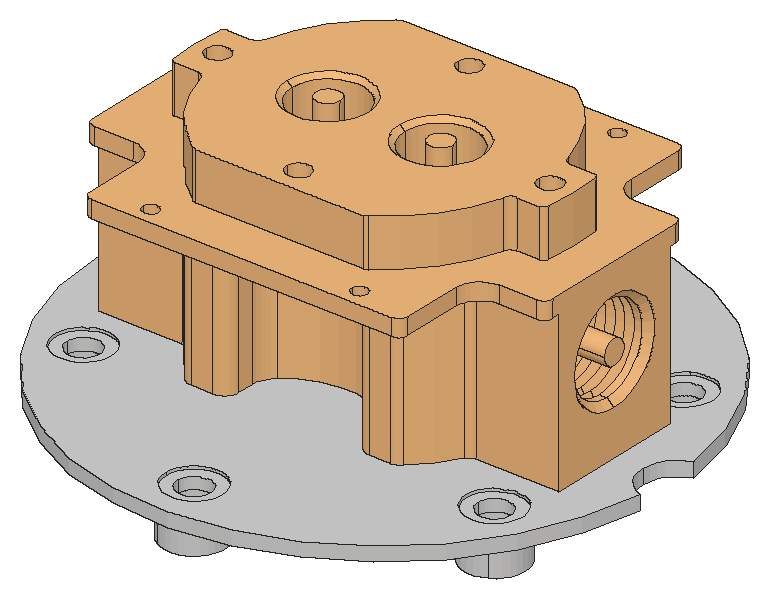
Revit family "Faucet-Mounting_Block-KALLISTA-Script-P20512", category Plumbing Fixtures, host Face, Revit 2022
Family settings
  Host = Face
  Round Connector Dimension = Use Diameter
  Part Type = Normal
  OmniClass Number = 23.27.31.00
  OmniClass Title = Valves
  Cut with Voids When Loaded = No
  Maintain Annotation Orientation = No
  Shared = No
  Room Calculation Point = No
Parameters (values of type "NA-Brass")
  Width = 4.72441"  # constant formula
  WaterSense Certified = 1 = 0  # no
  Waste Water Outlet = "Waste Water Outlet"  # constant formula
  Waste Connection = 1 = 0  # no
  Vent Connection = 1 = 0  # no
  URL = "https://www.kallista.com/"
  Type = 1
  Tempered Water Outlet = "Tempered Water Outlet"  # constant formula
  Product Page URL = "https://www.kallista.com/products/luxury-bathroom/faucets/diverters/script-mounting-block-p20512-00"
  Product Name = "Script"  # constant formula
  Product Documentation Link = "https://techcomm.kohler.com/techcomm/pdf/1333698-4.pdf"
  Pressure = 0.00 psi
  Model = "P20512-00-NA"  # constant formula
  Material = "Premium Metal Construction"  # constant formula
  Master Format 2014 Name = "Control Valves"  # constant formula
  Master Format 2014 = "23 09 13.33"  # constant formula
  Manufacturer Address = "444 Highland Dr, Kohler, WI 53044"  # constant formula
  Manufacturer = "Kallista Co."  # constant formula
  Length = 4.72441"  # constant formula
  Hot Water Outlet = "Hot Water Outlet"  # constant formula
  Hot Water Inlet = "Hot Water Inlet"  # constant formula
  Height = 2.24409"  # constant formula
  HW Connection = 1 = 1  # yes
  Flow Rate = 0 GPM
  Finish = Kallista-Metal-Brass
  Environmental Product Declaration = ""
  Description = "Mounting Block"  # constant formula
  Default Elevation = 36"
  Declare Label = ""
  Date Modified = "04/28/2025"  # constant formula
  Date Created = "04/28/2025"  # constant formula
  Copyright = "Copyright Kallista Co."  # constant formula
  Contact Us = "https://www.kallista.com/corporate/contact-us/"
  Cold Water Outlet = "Cold Water Outlet"  # constant formula
  Cold Water Inlet = "Cold Water Inlet"  # constant formula
  CW Connection = 1 = 1  # yes
  Assembly Code = "D2020"
  ADA Compliant = 1 = 0  # no
Reference planes (in)
  plane 1 "Center (Front/Back)": y = 0
  plane 2: z = 0
  plane 3 "Center (Left/Right)": x = 0
  plane 4: y = 2.3622
  plane 5: y = -2.3622
  plane 6: x = -2.3622
  plane 7: x = 2.3622
  plane 8: z = 2.24409
  plane 9: z = 0.3937
  plane 10: z = 0.27559
  plane 11: x = -1.90957
  plane 12: x = 1.90897
  plane 13: z = 1.17817
  plane 14: x = -0.46274
  plane 15: x = 0.4723
Dimensions and locks (in)
  "Width": plane 6 to plane 7
  "Length": plane 4 to plane 5
  plane 5 to plane 1 "Center (Front/Back)" = 2.3622"
  plane 1 "Center (Front/Back)" to plane 4 = 2.3622"
  plane 14 to plane 15 = 0.93504"
  plane 6 to plane 7 = 4.72441"
  "Height": plane 8 to level
  plane 8 to plane 10 = 1.9685"
  plane 10 to level = 0.27559"
  plane 8 to plane 9 = 1.85039"
  plane 13 to level = 1.17817"
  plane 8 to level = 2.24409"
  plane 4 to plane 5 = 4.72441"
  level to plane 13 = 1.17817"
  aligned and locked: plane 2 to host face
  aligned and locked: level to host face
  aligned and locked: level to nested 1
  aligned and locked: plane 3 "Center (Left/Right)" to nested 1
  aligned and locked: plane 1 "Center (Front/Back)" to nested 1
Automatic sketch dimensions
  host sketch curve to host sketch curve = 96"  (x2)
Nested families (in)
  nested 1: "P20512" at (0, 0, 0.27559), type "P20512"
Connectors (in)
  piping at (-1.90957, 0, 1.17817), diameter 0.5, driven by "HW Connection", driven by "Hot Water Inlet"
    settings: on nested 1, index 1, connector inside diameter 24", connector length 0", flow factor 0, pipe flow 0 GPM, pressure drop 0.00 psi, fitting loss kfactor 0, connector angle 0.00°, fixture units 0, engagement length 0", angle of deflection 0.00°, flow configuration 0, flow direction 1, fitting loss method 0, system type 19, joint type 0, gender type 0, connector reference index -1, connector utility 1, adjustable connector no, is connector primary yes, connector description "Hot Water Inlet"
  piping at (1.90897, 0, 1.17817), diameter 0.5, driven by "CW Connection", driven by "Cold Water Inlet"
    settings: on nested 1, index 2, connector inside diameter 24", connector length 0", flow factor 0, pipe flow 0 GPM, pressure drop 0.00 psi, fitting loss kfactor 0, connector angle 0.00°, fixture units 0, engagement length 0", angle of deflection 0.00°, flow configuration 0, flow direction 1, fitting loss method 0, system type 20, joint type 0, gender type 0, connector reference index -1, connector utility 1, adjustable connector no, is connector primary no, connector description "Cold Water Inlet"
  piping at (-0.46274, 0, 2.24409), diameter 0.5, driven by "HW Connection", driven by "Hot Water Outlet"
    settings: on nested 1, index 3, connector inside diameter 24", connector length 0", flow factor 0, pipe flow 0 GPM, pressure drop 0.00 psi, fitting loss kfactor 0, connector angle 0.00°, fixture units 0, engagement length 0", angle of deflection 0.00°, flow configuration 0, flow direction 2, fitting loss method 0, system type 19, joint type 0, gender type 0, connector reference index -1, connector utility 1, adjustable connector no, is connector primary no, connector description "Hot Water Outlet"
  piping at (0.4723, 0, 2.24409), diameter 0.5, driven by "CW Connection", driven by "Cold Water Outlet"
    settings: on nested 1, index 4, connector inside diameter 24", connector length 0", flow factor 0, pipe flow 0 GPM, pressure drop 0.00 psi, fitting loss kfactor 0, connector angle 0.00°, fixture units 0, engagement length 0", angle of deflection 0.00°, flow configuration 0, flow direction 2, fitting loss method 0, system type 20, joint type 0, gender type 0, connector reference index -1, connector utility 1, adjustable connector no, is connector primary no, connector description "Cold Water Outlet"
Definition of nested family "P20512"
  Parameters
    Material = none
    Default Elevation = 0"
  Reference planes (in)
    plane 1 "Center (Front/Back)": y = 0
    plane 2: z = 0
    plane 3 "Center (Left/Right)": x = 0
    plane 4: y = 2.3622
    plane 5: y = -2.3622
    plane 6: x = -2.3622
    plane 7: x = 2.3622
    plane 8: z = -0.27559
    plane 9: z = 1.9685
    plane 10: z = 0.90258
    plane 11: x = -1.90957
    plane 12: x = 1.90897
    plane 13: x = -0.46274
    plane 14: x = 0.4723
  Forms (in)
    Extrusion 1, solid
      sketch origin (0, 0, 0) x (1, 0, 0) y (0, 1, 0)
        loop
          arc (2.34562, -0.27946) -> (2.2008, -0.17181) -> (2.14567, 0) r 0.29528
          arc (2.14567, 0) -> (2.2008, 0.17181) -> (2.34562, 0.27946) r 0.29528
          arc (2.34562, 0.27946) -> (-0.13998, 2.35805) -> (-2.3622, 0) r 2.3622
          arc (-2.3622, 0) -> (-0.13998, -2.35805) -> (2.34562, -0.27946) r 2.3622
        loop
          circle (-0.74502, -0.74574) r 0.11715
        loop
          circle (0.74374, -0.74574) r 0.11715
        loop
          circle (-0.74564, 0.74363) r 0.11715
        loop
          circle (0.74565, 0.74363) r 0.11715
      from 0 to 0.11811
    Extrusion 2, solid
      sketch origin (0, 0, 0) x (1, 0, 0) y (0, 1, 0)
        loop
          circle (0, -1.9685) r 0.31496
        loop
          circle (1.70477, -0.98425) r 0.31496
        loop
          circle (-1.70477, -0.98425) r 0.31496
        loop
          circle (-1.70477, 0.98425) r 0.31496
        loop
          circle (0, 1.9685) r 0.31496
        loop
          circle (1.70477, 0.98425) r 0.31496
        loop
          circle (-1.70477, -0.98425) r 0.25591
        loop
          circle (-1.70477, 0.98425) r 0.25591
        loop
          circle (0, 1.9685) r 0.25591
        loop
          circle (1.70477, 0.98425) r 0.25591
        loop
          circle (1.70477, -0.98425) r 0.25591
        loop
          circle (0, -1.9685) r 0.25591
      from -0.03937 to 0
    Extrusion 3, solid
      sketch origin (0, 0, 0) x (1, 0, 0) y (0, 1, 0)
        loop
          circle (0, -1.9685) r 0.25591
        loop
          circle (1.70477, -0.98425) r 0.25591
        loop
          circle (-1.70477, -0.98425) r 0.25591
        loop
          circle (-1.70477, 0.98425) r 0.25591
        loop
          circle (0, 1.9685) r 0.25591
        loop
          circle (1.70477, 0.98425) r 0.25591
        loop
          circle (0, -1.9685) r 0.1378
        loop
          circle (1.70477, -0.98425) r 0.1378
        loop
          circle (1.70477, 0.98425) r 0.1378
        loop
          circle (0, 1.9685) r 0.1378
        loop
          circle (-1.70477, 0.98425) r 0.1378
        loop
          circle (-1.70477, -0.98425) r 0.1378
      from -0.27559 to 0
    Extrusion 4, solid, material <- "Material", detail levels medium+fine
      sketch origin (0, 0, 0) x (1, 0, 0) y (0, 1, 0)
        loop
          line (-1.90957, -0.57085) -> (-1.21712, -0.57085)
          arc (-1.21712, -0.57085) -> (-1.17943, -0.58096) -> (-1.15187, -0.6086) r 0.07526
          arc (-1.15187, -0.6086) -> (-1.03953, -0.7774) -> (-0.90611, -0.9301) r 1.55016
          arc (-0.90611, -0.9301) -> (-0.87084, -0.95373) -> (-0.82921, -0.96203) r 0.10856
          line (-0.82921, -0.96203) -> (-0.64998, -0.96203)
          arc (-0.64998, -0.96203) -> (-0.56448, -0.92662) -> (-0.52907, -0.84113) r 0.1209
          line (-0.52907, -0.84113) -> (-0.52907, -0.70977)
          arc (-0.52907, -0.70977) -> (-0.50901, -0.61874) -> (-0.45253, -0.54458) r 0.21654
          arc (-0.45253, -0.54458) -> (-0.0003, -0.37872) -> (0.45193, -0.54458) r 0.69947
          arc (0.45193, -0.54458) -> (0.5084, -0.61874) -> (0.52847, -0.70977) r 0.21654
          line (0.52847, -0.70977) -> (0.52847, -0.84113)
          arc (0.52847, -0.84113) -> (0.56388, -0.92662) -> (0.64937, -0.96203) r 0.1209
          line (0.64937, -0.96203) -> (0.8286, -0.96203)
          arc (0.8286, -0.96203) -> (0.87024, -0.95373) -> (0.90551, -0.9301) r 0.10856
          arc (0.90551, -0.9301) -> (1.03892, -0.7774) -> (1.15127, -0.6086) r 1.55016
          arc (1.15127, -0.6086) -> (1.17882, -0.58096) -> (1.21651, -0.57085) r 0.07526
          line (1.21651, -0.57085) -> (1.90897, -0.57085) -> (1.90897, 0.57197) -> (1.21651, 0.57197)
          arc (1.21651, 0.57197) -> (1.17882, 0.58208) -> (1.15127, 0.60972) r 0.07526
          arc (1.15127, 0.60972) -> (1.03892, 0.77852) -> (0.90551, 0.93122) r 1.55016
          arc (0.90551, 0.93122) -> (0.87024, 0.95485) -> (0.8286, 0.96315) r 0.10856
          line (0.8286, 0.96315) -> (0.64937, 0.96315)
          arc (0.64937, 0.96315) -> (0.56388, 0.92774) -> (0.52847, 0.84225) r 0.1209
          line (0.52847, 0.84225) -> (0.52847, 0.71089)
          arc (0.52847, 0.71089) -> (0.5084, 0.61986) -> (0.45193, 0.5457) r 0.21654
          arc (0.45193, 0.5457) -> (-0.0003, 0.37984) -> (-0.45253, 0.5457) r 0.69947
          arc (-0.45253, 0.5457) -> (-0.50901, 0.61986) -> (-0.52907, 0.71089) r 0.21654
          line (-0.52907, 0.71089) -> (-0.52907, 0.84225)
          arc (-0.52907, 0.84225) -> (-0.56448, 0.92774) -> (-0.64998, 0.96315) r 0.1209
          line (-0.64998, 0.96315) -> (-0.82921, 0.96315)
          arc (-0.82921, 0.96315) -> (-0.87084, 0.95485) -> (-0.90611, 0.93122) r 0.10856
          arc (-0.90611, 0.93122) -> (-1.03953, 0.77852) -> (-1.15187, 0.60972) r 1.55016
          arc (-1.15187, 0.60972) -> (-1.17943, 0.58208) -> (-1.21712, 0.57197) r 0.07526
          line (-1.21712, 0.57197) -> (-1.90957, 0.57197) -> (-1.90957, -0.57085)
      from 0.11811 to 1.43561
    Extrusion 5, void
      sketch origin (0, 0, 0) x (1, 0, 0) y (0, 1, 0)
        loop
          circle (0, 1.9685) r 0.1378
        loop
          circle (-1.70477, 0.98425) r 0.1378
        loop
          circle (1.70477, 0.98425) r 0.1378
        loop
          circle (1.70477, -0.98425) r 0.1378
        loop
          circle (0, -1.9685) r 0.1378
        loop
          circle (-1.70477, -0.98425) r 0.1378
      from -0.93253 to 1.19149
    Extrusion 6, void
      sketch origin (0, 0, 0) x (1, 0, 0) y (0, 1, 0)
        loop
          circle (0, -1.9685) r 0.23622
        loop
          circle (-1.70477, -0.98425) r 0.23622
        loop
          circle (1.70477, -0.98425) r 0.23622
        loop
          circle (1.70477, 0.98425) r 0.23622
        loop
          circle (0, 1.9685) r 0.23622
        loop
          circle (-1.70477, 0.98425) r 0.23622
      from 0.09586 to 0.1481
    Extrusion 7, solid, material <- "Material"
      sketch origin (0, 0, 0) x (1, 0, 0) y (0, 1, 0)
        loop
          arc (0.69906, -1.08259) -> (0.71447, -1.08028) -> (0.72854, -1.07354) r 0.05253
          arc (0.72854, -1.07354) -> (1.05947, -0.74971) -> (1.25622, -0.33058) r 1.30262
          arc (1.25622, -0.33058) -> (1.2821, -0.29176) -> (1.32627, -0.27675) r 0.07249
          line (1.32627, -0.27675) -> (1.51518, -0.27675)
          arc (1.51518, -0.27675) -> (1.54356, -0.26608) -> (1.55787, -0.23935) r 0.04307
          arc (1.55787, -0.23935) -> (1.57371, 0.00258) -> (1.55687, 0.24437) r 1.82113
          arc (1.55687, 0.24437) -> (1.54154, 0.26763) -> (1.51518, 0.27663) r 0.04307
          line (1.51518, 0.27663) -> (1.32641, 0.27663)
          arc (1.32641, 0.27663) -> (1.28309, 0.29141) -> (1.25784, 0.3296) r 0.07087
          arc (1.25784, 0.3296) -> (1.0695, 0.74055) -> (0.75205, 1.06238) r 1.30262
          arc (0.75205, 1.06238) -> (0.7217, 1.07754) -> (0.68819, 1.08276) r 0.11024
          line (0.68819, 1.08276) -> (-0.68692, 1.08276)
          arc (-0.68692, 1.08276) -> (-0.72043, 1.07754) -> (-0.75078, 1.06238) r 0.11024
          arc (-0.75078, 1.06238) -> (-1.06823, 0.74055) -> (-1.25657, 0.3296) r 1.30262
          arc (-1.25657, 0.3296) -> (-1.28182, 0.29141) -> (-1.32514, 0.27663) r 0.07087
          line (-1.32514, 0.27663) -> (-1.51391, 0.27663)
          arc (-1.51391, 0.27663) -> (-1.54029, 0.26761) -> (-1.556, 0.24443) r 0.04307
          arc (-1.556, 0.24443) -> (-1.57244, 0.00256) -> (-1.5566, -0.23935) r 1.82113
          arc (-1.5566, -0.23935) -> (-1.54229, -0.26608) -> (-1.51391, -0.27675) r 0.04307
          line (-1.51391, -0.27675) -> (-1.325, -0.27675)
          arc (-1.325, -0.27675) -> (-1.28083, -0.29176) -> (-1.25495, -0.33058) r 0.07249
          arc (-1.25495, -0.33058) -> (-1.0582, -0.74971) -> (-0.72727, -1.07354) r 1.30262
          arc (-0.72727, -1.07354) -> (-0.7132, -1.08028) -> (-0.69779, -1.08259) r 0.05253
          line (-0.69779, -1.08259) -> (0.69906, -1.08259)
      from 1.57431 to 1.9685
    Extrusion 8, solid, material <- "Material", detail levels medium+fine
      sketch origin (0, 0, 0) x (1, 0, 0) y (0, 1, 0)
        loop
          arc (1.24475, -1.47661) -> (1.29765, -1.4547) -> (1.31956, -1.40181) r 0.0748
          line (1.31956, -1.40181) -> (1.31956, -0.9072)
          arc (1.31956, -0.9072) -> (1.37721, -0.768) -> (1.51641, -0.71034) r 0.19685
          line (1.51641, -0.71034) -> (1.83417, -0.71034)
          arc (1.83417, -0.71034) -> (1.88706, -0.68844) -> (1.90897, -0.63554) r 0.0748
          line (1.90897, -0.63554) -> (1.90897, 0.6345)
          arc (1.90897, 0.6345) -> (1.88706, 0.68739) -> (1.83417, 0.7093) r 0.0748
          line (1.83417, 0.7093) -> (1.51641, 0.7093)
          arc (1.51641, 0.7093) -> (1.37721, 0.76696) -> (1.31956, 0.90615) r 0.19685
          line (1.31956, 0.90615) -> (1.31956, 1.4023)
          arc (1.31956, 1.4023) -> (1.29765, 1.45519) -> (1.24475, 1.4771) r 0.0748
          line (1.24475, 1.4771) -> (-1.24038, 1.4771)
          arc (-1.24038, 1.4771) -> (-1.29328, 1.45519) -> (-1.31518, 1.4023) r 0.0748
          line (-1.31518, 1.4023) -> (-1.31518, 0.90615)
          arc (-1.31518, 0.90615) -> (-1.37284, 0.76696) -> (-1.51204, 0.7093) r 0.19685
          line (-1.51204, 0.7093) -> (-1.83477, 0.7093)
          arc (-1.83477, 0.7093) -> (-1.88766, 0.68739) -> (-1.90957, 0.6345) r 0.0748
          line (-1.90957, 0.6345) -> (-1.90957, -0.63554)
          arc (-1.90957, -0.63554) -> (-1.88766, -0.68844) -> (-1.83477, -0.71034) r 0.0748
          line (-1.83477, -0.71034) -> (-1.51204, -0.71034)
          arc (-1.51204, -0.71034) -> (-1.37284, -0.768) -> (-1.31518, -0.9072) r 0.19685
          line (-1.31518, -0.9072) -> (-1.31518, -1.40181)
          arc (-1.31518, -1.40181) -> (-1.29328, -1.4547) -> (-1.24038, -1.47661) r 0.0748
          line (-1.24038, -1.47661) -> (1.24475, -1.47661)
      from 1.43561 to 1.57431
    Revolve 9, void
      sketch origin (0, 0, 0) x (1, 0, 0) y (0, 0, 1)
        loop
          line (1.99896, 0.90529) -> (1.99896, 1.4158) -> (1.85072, 1.26756) -> (1.7898, 1.26756) -> (1.75126, 1.33432) -> (1.71272, 1.26756) -> (1.67237, 1.33745) -> (1.63202, 1.26756) -> (1.59308, 1.335) -> (1.55415, 1.26756) -> (1.51571, 1.33415) -> (1.47699, 1.26709) -> (1.43683, 1.33664) -> (1.39746, 1.26845) -> (1.35598, 1.34029) -> (1.31826, 1.27496) -> (1.26071, 1.27496) -> (1.16229, 1.10448) -> (0.22313, 1.10448) -> (0.22313, 0.90529) -> (1.99896, 0.90529)
        axis (1.99896, 0.90529) -> (0.22313, 0.90529)
      angle from 0 to 360
    Revolve 10, void
      sketch origin (0, 0, 0) x (-1, 0, 0) y (0, 0, -1)
        loop
          line (1.99896, -0.90529) -> (0.22313, -0.90529) -> (0.22313, -1.10448) -> (1.16229, -1.10448) -> (1.26071, -1.27496) -> (1.31826, -1.27496) -> (1.35598, -1.34029) -> (1.39746, -1.26845) -> (1.43683, -1.33664) -> (1.47699, -1.26709) -> (1.51571, -1.33415) -> (1.55415, -1.26756) -> (1.59308, -1.335) -> (1.63202, -1.26756) -> (1.67237, -1.33745) -> (1.71272, -1.26756) -> (1.75126, -1.33432) -> (1.7898, -1.26756) -> (1.85072, -1.26756) -> (1.99896, -1.4158) -> (1.99896, -0.90529)
        axis (1.99896, -0.90529) -> (0.22313, -0.90529)
      angle from 0 to 360
    Revolve 11, void
      sketch origin (0, 0, 0) x (1, 0, 0) y (0, 0, 1)
        loop
          line (0.77328, 1.33879) -> (0.77328, 1.92935) -> (0.82876, 1.98482) -> (0.4723, 1.98482) -> (0.4723, 0.86852) -> (0.68908, 0.86852) -> (0.68908, 1.31079) -> (0.70868, 1.33879) -> (0.77328, 1.33879)
        axis (0.4723, 1.98482) -> (0.4723, 0.86852)
      angle from 0 to 360
    Revolve 12, void
      sketch origin (-0.93504, 0, 0) x (1, 0, 0) y (0, 0, 1)
        loop
          line (0.77328, 1.33879) -> (0.77328, 1.92935) -> (0.82876, 1.98482) -> (0.4723, 1.98482) -> (0.4723, 0.86852) -> (0.68908, 0.86852) -> (0.68908, 1.31079) -> (0.70868, 1.33879) -> (0.77328, 1.33879)
        axis (0.4723, 1.98482) -> (0.4723, 0.86852)
      angle from 0 to 360
    Extrusion 13, void
      sketch origin (0, 0, 0) x (1, 0, 0) y (0, 1, 0)
        loop
          circle (0.8658, -1.33794) r 0.06496
        loop
          circle (-0.86552, -1.33794) r 0.06496
        loop
          circle (0.86623, 1.33902) r 0.06496
        loop
          circle (-0.86595, 1.33902) r 0.06496
      from 1.12965 to 2.44563
    Extrusion 14, void
      sketch origin (0, 0, 0) x (1, 0, 0) y (0, 1, 0)
        loop
          circle (-0.00012, -0.8852) r 0.09843
        loop
          circle (-1.37814, -0.0005) r 0.09843
        loop
          circle (1.37806, 0.00027) r 0.09843
        loop
          circle (-0.00015, 0.88588) r 0.09843
      from 1.79358 to 2.03393
    Extrusion 15, solid, material <- "Material", detail levels coarse
      sketch origin (0, 0, 0) x (1, 0, 0) y (0, 1, 0)
        loop
          line (1.90897, -0.71034) -> (1.90897, 0.7093) -> (-1.90957, 0.7093) -> (-1.90957, -0.71034) -> (1.90897, -0.71034)
      from 0.11811 to 1.43561
    Extrusion 16, solid, material <- "Material", detail levels medium+fine
      sketch origin (0, 0, 0) x (0, 1, 0) y (0, 0, 1)
        loop
          circle (0, 0.90258) r 0.09843
      from -1.90957 to -1.63202
    Extrusion 17, solid, material <- "Material", detail levels medium+fine
      sketch origin (0, 0, 0) x (0, 1, 0) y (0, 0, 1)
        loop
          circle (0, 0.90258) r 0.09843
      from 1.61308 to 1.90897
    Extrusion 18, solid, material <- "Material"
      sketch origin (0, 0, 0) x (1, 0, 0) y (0, 1, 0)
        loop
          circle (-0.46274, 0) r 0.09843
        loop
          circle (0.4723, 0) r 0.09843
      from 1.79358 to 1.9685
    Extrusion 19, solid, material <- "Material", detail levels coarse
      sketch origin (0, 0, 0) x (1, 0, 0) y (0, 1, 0)
        loop
          line (1.31956, -1.40181) -> (1.31956, -0.9072)
          arc (1.31956, -0.9072) -> (1.37721, -0.768) -> (1.51641, -0.71034) r 0.19685
          line (1.51641, -0.71034) -> (1.83417, -0.71034)
          arc (1.83417, -0.71034) -> (1.88706, -0.68844) -> (1.90897, -0.63554) r 0.0748
          line (1.90897, -0.63554) -> (1.90897, 0.6345)
          arc (1.90897, 0.6345) -> (1.88706, 0.68739) -> (1.83417, 0.7093) r 0.0748
          line (1.83417, 0.7093) -> (1.51641, 0.7093)
          arc (1.51641, 0.7093) -> (1.37721, 0.76696) -> (1.31956, 0.90615) r 0.19685
          line (1.31956, 0.90615) -> (1.31956, 1.4023)
          arc (1.31956, 1.4023) -> (1.29765, 1.45519) -> (1.24475, 1.4771) r 0.0748
          line (1.24475, 1.4771) -> (-1.24038, 1.4771)
          arc (-1.24038, 1.4771) -> (-1.29328, 1.45519) -> (-1.31518, 1.4023) r 0.0748
          line (-1.31518, 1.4023) -> (-1.31518, 0.90615)
          arc (-1.31518, 0.90615) -> (-1.37284, 0.76696) -> (-1.51204, 0.7093) r 0.19685
          line (-1.51204, 0.7093) -> (-1.83477, 0.7093)
          arc (-1.83477, 0.7093) -> (-1.88766, 0.68739) -> (-1.90957, 0.6345) r 0.0748
          line (-1.90957, 0.6345) -> (-1.90957, -0.63554)
          arc (-1.90957, -0.63554) -> (-1.88766, -0.68844) -> (-1.83477, -0.71034) r 0.0748
          line (-1.83477, -0.71034) -> (-1.51204, -0.71034)
          arc (-1.51204, -0.71034) -> (-1.37284, -0.768) -> (-1.31518, -0.9072) r 0.19685
          line (-1.31518, -0.9072) -> (-1.31518, -1.40181)
          arc (-1.31518, -1.40181) -> (-1.29328, -1.4547) -> (-1.24038, -1.47661) r 0.0748
          line (-1.24038, -1.47661) -> (1.24475, -1.47661)
          arc (1.24475, -1.47661) -> (1.29765, -1.4547) -> (1.31956, -1.40181) r 0.0748
      from 1.43561 to 1.57431
  Cuts and joins
    Extrusion 5, Extrusion 6 cuts Extrusion 1
    Revolve 9, Revolve 10, Revolve 11, Revolve 12 cuts Extrusion 4
    Revolve 10, Revolve 11, Revolve 12, Extrusion 13 cuts Extrusion 8
    joined: Extrusion 4, Extrusion 8
    Revolve 11, Revolve 12, Extrusion 14 cuts Extrusion 7
  Lines and regions (in)
    Masking region 1
      outline origin (0, 0, 0) x (1, 0, 0) y (0, 1, 0)
        loop
          arc (2.34562, 0.27946) -> (-2.3622, 0) -> (2.34562, -0.27946) r 2.3622
          arc (2.34562, -0.27946) -> (2.14567, 0) -> (2.34562, 0.27946) r 0.29528
        loop
          circle (-1.70477, 0.98425) r 0.1378
        loop
          circle (1.70477, 0.98425) r 0.1378
        loop
          circle (-1.70477, -0.98425) r 0.1378
        loop
          circle (1.70477, -0.98425) r 0.1378
        loop
          circle (0, 1.9685) r 0.1378
        loop
          circle (0, -1.9685) r 0.1378
    Masking region 2
      outline origin (0, 0, 0) x (1, 0, 0) y (0, 0, 1)
        loop
          line (-2.3622, 0.11811) -> (-2.3622, 0) -> (-2.01974, 0) -> (-2.01974, -0.03937) -> (-1.96068, -0.03937) -> (-1.96068, -0.27559) -> (-1.44887, -0.27559) -> (-1.44887, -0.03937) -> (-1.38981, -0.03937) -> (-1.38981, 0) -> (-0.31496, 0) -> (-0.31496, -0.03937) -> (-0.25591, -0.03937) -> (-0.25591, -0.27559) -> (0.25591, -0.27559) -> (0.25591, -0.03937) -> (0.31496, -0.03937) -> (0.31496, 0) -> (1.38981, 0) -> (1.38981, -0.03937) -> (1.44887, -0.03937) -> (1.44887, -0.27559) -> (1.96068, -0.27559) -> (1.96068, -0.03937) -> (2.01974, -0.03937) -> (2.01974, 0) -> (2.3622, 0) -> (2.3622, 0.11811) -> (1.90897, 0.11811) -> (1.90897, 1.57487) -> (1.61308, 1.57487)
          arc (1.61308, 1.57487) -> (1.58524, 1.5864) -> (1.57371, 1.61424) r 0.03937
          line (1.57371, 1.61424) -> (1.57371, 1.9685) -> (-1.57371, 1.9685) -> (-1.57371, 1.61424)
          arc (-1.57371, 1.61424) -> (-1.58524, 1.5864) -> (-1.61308, 1.57487) r 0.03937
          line (-1.61308, 1.57487) -> (-1.90957, 1.57487) -> (-1.90957, 0.11811) -> (-2.3622, 0.11811)
    Masking region 3
      outline origin (0, 0, 0) x (0, 1, 0) y (0, 0, 1)
        loop
          line (1.7126, -0.27559) -> (2.22441, -0.27559) -> (2.22441, -0.03937) -> (2.28346, -0.03937) -> (2.28346, 0) -> (2.3622, 0) -> (2.3622, 0.11811) -> (0.96129, 0.11811) -> (0.96129, 1.37829)
          arc (0.96129, 1.37829) -> (0.98434, 1.43391) -> (1.03997, 1.45696) r 0.07867
          line (1.03997, 1.45696) -> (1.47649, 1.45696) -> (1.47649, 1.57489) -> (1.12276, 1.57489)
          arc (1.12276, 1.57489) -> (1.09458, 1.58656) -> (1.08291, 1.61474) r 0.03985
          line (1.08291, 1.61474) -> (1.08291, 1.9685) -> (0, 1.9685) -> (-1.08291, 1.9685) -> (-1.08291, 1.61474)
          arc (-1.08291, 1.61474) -> (-1.09458, 1.58656) -> (-1.12276, 1.57489) r 0.03985
          line (-1.12276, 1.57489) -> (-1.47649, 1.57489) -> (-1.47649, 1.45696) -> (-1.03997, 1.45696)
          arc (-1.03997, 1.45696) -> (-0.98434, 1.43391) -> (-0.96129, 1.37829) r 0.07867
          line (-0.96129, 1.37829) -> (-0.96129, 0.11811) -> (-2.3622, 0.11811) -> (-2.3622, 0) -> (-2.28346, 0) -> (-2.28346, -0.03937) -> (-2.22441, -0.03937) -> (-2.22441, -0.27559) -> (-1.7126, -0.27559) -> (-1.7126, -0.03937) -> (-1.65354, -0.03937) -> (-1.65354, 0) -> (-1.29921, 0) -> (-1.29921, -0.03937) -> (-1.24016, -0.03937) -> (-1.24016, -0.27559) -> (-0.72835, -0.27559) -> (-0.72835, -0.03937) -> (-0.66929, -0.03937) -> (-0.66929, 0) -> (0, 0) -> (0.66929, 0) -> (0.66929, -0.03937) -> (0.72835, -0.03937) -> (0.72835, -0.27559) -> (1.24016, -0.27559) -> (1.24016, -0.03937) -> (1.29921, -0.03937) -> (1.29921, 0) -> (1.65354, 0) -> (1.65354, -0.03937) -> (1.7126, -0.03937) -> (1.7126, -0.27559)
    symbolic lines, detail levels medium+fine
      curve 1: circle (-0.4735, -0.00064, 0) r 0.34147 normal (0, 0, 1)
      curve 2: circle (-0.4735, -0.00064, 0) r 0.30267 normal (0, 0, 1)
      curve 3: circle (-0.4735, -0.00064, 0) r 0.23282 normal (0, 0, 1)
      curve 4: circle (-0.4735, -0.00064, 0) r 0.21579 normal (0, 0, 1)
      curve 5: line (-0.57212, 0.19129, 0) -> (-0.37489, 0.19129, 0)
      curve 6: line (-0.57921, -0.18876, 0) -> (-0.36779, -0.18876, 0)
      curve 7: line (-0.33458, -0.16577, 0) -> (-0.33458, 0.16448, 0)
      curve 8: circle (0.4735, -0.00064, 0) r 0.34147 normal (0, 0, -1)
      curve 9: circle (0.4735, -0.00064, 0) r 0.30267 normal (0, 0, -1)
      curve 10: circle (0.4735, -0.00064, 0) r 0.23282 normal (0, 0, -1)
      curve 11: circle (0.4735, -0.00064, 0) r 0.21579 normal (0, 0, -1)
      curve 12: line (0.57212, 0.19129, 0) -> (0.37489, 0.19129, 0)
      curve 13: line (0.57921, -0.18876, 0) -> (0.36779, -0.18876, 0)
      curve 14: line (0.33458, -0.16577, 0) -> (0.33458, 0.16448, 0)
      curve 15: circle (0, 0.88378, 0) r 0.11961 normal (0, 0, 1)
      curve 16: circle (0, 0.88378, 0) r 0.09878 normal (0, 0, 1)
      curve 17: circle (0, -0.88378, 0) r 0.11961 normal (0, 0, -1)
      curve 18: circle (0, -0.88378, 0) r 0.09878 normal (0, 0, -1)
      curve 19: circle (-1.37878, 0, 0) r 0.11637 normal (0, 0, 1)
      curve 20: circle (-1.37878, 0, 0) r 0.09596 normal (0, 0, 1)
      curve 21: circle (1.37878, 0, 0) r 0.11637 normal (0, 0, -1)
      curve 22: circle (1.37878, 0, 0) r 0.09596 normal (0, 0, -1)
      curve 23: arc (-1.59544, 0.24801, 0) -> (-1.61366, -0.00034, 0) -> (-1.59499, -0.24865, 0) r 1.68118
      curve 24: line (-1.5171, 0.31559, 0) -> (-1.33004, 0.31559, 0)
      curve 25: arc (-1.5171, 0.31559, 0) -> (-1.56883, 0.29636, 0) -> (-1.59544, 0.24801, 0) r 0.0792
      curve 26: line (-1.51779, -0.31512, 0) -> (-1.33483, -0.31512, 0)
      curve 27: arc (-1.59499, -0.24865, 0) -> (-1.56873, -0.29621, 0) -> (-1.51779, -0.31512, 0) r 0.07806
      curve 28: line (-0.70979, 1.12209, 0) -> (0, 1.12209, 0)
      curve 29: arc (-1.29415, 0.34285, 0) -> (-1.08835, 0.77428, 0) -> (-0.74818, 1.1101, 0) r 1.38545
      curve 30: arc (-0.74818, 1.1101, 0) -> (-0.7299, 1.11902, 0) -> (-0.70979, 1.12209, 0) r 0.06745
      curve 31: arc (-1.33004, 0.31559, 0) -> (-1.30751, 0.32318, 0) -> (-1.29415, 0.34285, 0) r 0.03725
      curve 32: line (-0.70849, -1.12216, 0) -> (0, -1.12216, 0)
      curve 33: arc (-1.29156, -0.34807, 0) -> (-1.08679, -0.77762, 0) -> (-0.74662, -1.11039, 0) r 1.36061
      curve 34: arc (-1.33483, -0.31512, 0) -> (-1.30764, -0.32429, 0) -> (-1.29156, -0.34807, 0) r 0.04489
      curve 35: arc (-0.74662, -1.11039, 0) -> (-0.72844, -1.11915, 0) -> (-0.70849, -1.12216, 0) r 0.06766
      curve 36: arc (1.59544, 0.24801, 0) -> (1.61366, -0.00034, 0) -> (1.59499, -0.24865, 0) r 1.68118
      curve 37: line (1.5171, 0.31559, 0) -> (1.33004, 0.31559, 0)
      curve 38: arc (1.5171, 0.31559, 0) -> (1.56883, 0.29636, 0) -> (1.59544, 0.24801, 0) r 0.0792
      curve 39: line (1.51779, -0.31512, 0) -> (1.33483, -0.31512, 0)
      curve 40: arc (1.59499, -0.24865, 0) -> (1.56873, -0.29621, 0) -> (1.51779, -0.31512, 0) r 0.07806
      curve 41: line (0.70979, 1.12209, 0) -> (0, 1.12209, 0)
      curve 42: arc (1.29415, 0.34285, 0) -> (1.08835, 0.77428, 0) -> (0.74818, 1.1101, 0) r 1.38545
      curve 43: arc (0.74818, 1.1101, 0) -> (0.7299, 1.11902, 0) -> (0.70979, 1.12209, 0) r 0.06745
      curve 44: arc (1.33004, 0.31559, 0) -> (1.30751, 0.32318, 0) -> (1.29415, 0.34285, 0) r 0.03725
      curve 45: line (0.70849, -1.12216, 0) -> (0, -1.12216, 0)
      curve 46: arc (1.29156, -0.34807, 0) -> (1.08679, -0.77762, 0) -> (0.74662, -1.11039, 0) r 1.36061
      curve 47: arc (1.33483, -0.31512, 0) -> (1.30764, -0.32429, 0) -> (1.29156, -0.34807, 0) r 0.04489
      curve 48: arc (0.74662, -1.11039, 0) -> (0.72844, -1.11915, 0) -> (0.70849, -1.12216, 0) r 0.06766
      curve 49: line (-0.71851, 1.08272, 0) -> (0, 1.08272, 0)
      curve 50: line (0.71851, 1.08272, 0) -> (0, 1.08272, 0)
      curve 51: arc (1.25623, 0.33228, 0) -> (1.05371, 0.75504, 0) -> (0.71851, 1.08272, 0) r 1.34608
      curve 52: arc (1.33004, 0.27622, 0) -> (1.2837, 0.29182, 0) -> (1.25623, 0.33228, 0) r 0.07662
      curve 53: line (1.5171, 0.27622, 0) -> (1.33004, 0.27622, 0)
      curve 54: arc (1.5171, 0.27622, 0) -> (1.54311, 0.26655, 0) -> (1.5565, 0.24223, 0) r 0.03983
      curve 55: arc (1.5565, 0.24223, 0) -> (1.57429, -0.0003, 0) -> (1.55606, -0.2428, 0) r 1.64181
      curve 56: arc (1.55606, -0.2428, 0) -> (1.54304, -0.26638, 0) -> (1.51779, -0.27575, 0) r 0.03869
      curve 57: line (1.51779, -0.27575, 0) -> (1.33483, -0.27575, 0)
      curve 58: arc (1.33483, -0.27575, 0) -> (1.28379, -0.29297, 0) -> (1.25361, -0.3376, 0) r 0.08426
      curve 59: arc (1.25361, -0.3376, 0) -> (1.0522, -0.75829, 0) -> (0.71717, -1.08279, 0) r 1.32124
      curve 60: line (0.71717, -1.08279, 0) -> (0, -1.08279, 0)
      curve 61: line (-0.71717, -1.08279, 0) -> (0, -1.08279, 0)
      curve 62: arc (-1.25361, -0.3376, 0) -> (-1.0522, -0.75829, 0) -> (-0.71717, -1.08279, 0) r 1.32124
      curve 63: arc (-1.33483, -0.27575, 0) -> (-1.28379, -0.29297, 0) -> (-1.25361, -0.3376, 0) r 0.08426
      curve 64: line (-1.51779, -0.27575, 0) -> (-1.33483, -0.27575, 0)
      curve 65: arc (-1.55606, -0.2428, 0) -> (-1.54304, -0.26638, 0) -> (-1.51779, -0.27575, 0) r 0.03869
      curve 66: arc (-1.5565, 0.24223, 0) -> (-1.57429, -0.0003, 0) -> (-1.55606, -0.2428, 0) r 1.64181
      curve 67: arc (-1.5171, 0.27622, 0) -> (-1.54311, 0.26655, 0) -> (-1.5565, 0.24223, 0) r 0.03983
      curve 68: line (-1.5171, 0.27622, 0) -> (-1.33004, 0.27622, 0)
      curve 69: arc (-1.33004, 0.27622, 0) -> (-1.2837, 0.29182, 0) -> (-1.25623, 0.33228, 0) r 0.07662
      curve 70: arc (-1.25623, 0.33228, 0) -> (-1.05371, 0.75504, 0) -> (-0.71851, 1.08272, 0) r 1.34608
      curve 71: line (-1.24232, 1.47596, 0) -> (0, 1.47596, 0)
      curve 72: line (-1.3194, 0.90571, 0) -> (-1.3194, 1.39888, 0)
      curve 73: line (-1.51625, 0.70886, 0) -> (-1.83299, 0.70886, 0)
      curve 74: line (-1.90937, 0.63247, 0) -> (-1.90937, 0, 0)
      curve 75: arc (-1.83299, 0.70886, 0) -> (-1.887, 0.68648, 0) -> (-1.90937, 0.63247, 0) r 0.07639
      curve 76: arc (-1.51625, 0.70886, 0) -> (-1.37706, 0.76651, 0) -> (-1.3194, 0.90571, 0) r 0.19685
      curve 77: arc (-1.3194, 1.39888, 0) -> (-1.29682, 1.45339, 0) -> (-1.24232, 1.47596, 0) r 0.07708
      curve 78: line (1.24232, 1.47596, 0) -> (0, 1.47596, 0)
      curve 79: line (1.3194, 0.90571, 0) -> (1.3194, 1.39888, 0)
      curve 80: line (1.51625, 0.70886, 0) -> (1.83299, 0.70886, 0)
      curve 81: line (1.90937, 0.63247, 0) -> (1.90937, 0, 0)
      curve 82: arc (1.83299, 0.70886, 0) -> (1.887, 0.68648, 0) -> (1.90937, 0.63247, 0) r 0.07639
      curve 83: arc (1.51625, 0.70886, 0) -> (1.37706, 0.76651, 0) -> (1.3194, 0.90571, 0) r 0.19685
      curve 84: arc (1.3194, 1.39888, 0) -> (1.29682, 1.45339, 0) -> (1.24232, 1.47596, 0) r 0.07708
      curve 85: line (-1.24232, -1.47596, 0) -> (0, -1.47596, 0)
      curve 86: line (-1.3194, -0.90571, 0) -> (-1.3194, -1.39888, 0)
      curve 87: line (-1.51625, -0.70886, 0) -> (-1.83299, -0.70886, 0)
      curve 88: line (-1.90937, -0.63247, 0) -> (-1.90937, 0, 0)
      curve 89: arc (-1.83299, -0.70886, 0) -> (-1.887, -0.68648, 0) -> (-1.90937, -0.63247, 0) r 0.07639
      curve 90: arc (-1.51625, -0.70886, 0) -> (-1.37706, -0.76651, 0) -> (-1.3194, -0.90571, 0) r 0.19685
      curve 91: arc (-1.3194, -1.39888, 0) -> (-1.29682, -1.45339, 0) -> (-1.24232, -1.47596, 0) r 0.07708
      curve 92: line (1.24232, -1.47596, 0) -> (0, -1.47596, 0)
      curve 93: line (1.3194, -0.90571, 0) -> (1.3194, -1.39888, 0)
      curve 94: line (1.51625, -0.70886, 0) -> (1.83299, -0.70886, 0)
      curve 95: line (1.90937, -0.63247, 0) -> (1.90937, 0, 0)
      curve 96: arc (1.83299, -0.70886, 0) -> (1.887, -0.68648, 0) -> (1.90937, -0.63247, 0) r 0.07639
      curve 97: arc (1.51625, -0.70886, 0) -> (1.37706, -0.76651, 0) -> (1.3194, -0.90571, 0) r 0.19685
      curve 98: arc (1.3194, -1.39888, 0) -> (1.29682, -1.45339, 0) -> (1.24232, -1.47596, 0) r 0.07708
      curve 99: circle (-0.8652, 1.33923, 0) r 0.0869 normal (0, 0, 1)
      curve 100: circle (0.8652, 1.33923, 0) r 0.0869 normal (0, 0, -1)
      curve 101: circle (-0.8652, -1.33923, 0) r 0.0869 normal (0, 0, -1)
      curve 102: circle (0.8652, -1.33923, 0) r 0.0869 normal (0, 0, 1)
      curve 103: circle (-1.70477, 0.98425, 0) r 0.23622 normal (0, 0, 1)
      curve 104: circle (1.70477, 0.98425, 0) r 0.23622 normal (0, 0, -1)
      curve 105: circle (-1.70477, -0.98425, 0) r 0.23622 normal (0, 0, -1)
      curve 106: circle (1.70477, -0.98425, 0) r 0.23622 normal (0, 0, 1)
      curve 107: arc (0.23622, 1.9685, 0) -> (0, 2.20472, 0) -> (-0.23622, 1.9685, 0) r 0.23622
      curve 108: arc (-0.23622, 1.9685, 0) -> (0, 1.73228, 0) -> (0.23622, 1.9685, 0) r 0.23622
      curve 109: arc (0.23622, -1.9685, 0) -> (0, -1.73228, 0) -> (-0.23622, -1.9685, 0) r 0.23622
      curve 110: arc (-0.23622, -1.9685, 0) -> (0, -2.20472, 0) -> (0.23622, -1.9685, 0) r 0.23622
      curve 111: line (-1.96068, 0, -0.03937) -> (-1.44887, 0, -0.03937)
      curve 112: line (-2.01974, 0, 0) -> (-1.38981, 0, 0)
      curve 113: line (-0.25591, 0, -0.03937) -> (0.25591, 0, -0.03937)
      curve 114: line (-0.31496, 0, 0) -> (0.31496, 0, 0)
      curve 115: line (1.44887, 0, -0.03937) -> (1.96068, 0, -0.03937)
      curve 116: line (1.38981, 0, 0) -> (2.01974, 0, 0)
      curve 117: line (1.91113, 0, 0.11811) -> (-1.9106, 0, 0.11811)
      curve 118: line (-1.57371, 0, 1.61424) -> (1.57371, 0, 1.61424)
      curve 119: line (1.61308, 0, 1.57487) -> (-1.61308, 0, 1.57487)
      curve 120: line (-1.9106, 0, 1.45756) -> (1.90897, 0, 1.45756)
      curve 121: line (1.90897, 0, 1.37714) -> (-1.9106, 0, 1.37714)
      curve 122: line (-1.14503, 0, 0.11811) -> (-1.14503, 0, 1.37714)
      curve 123: arc (-1.14503, 0, 1.37714) -> (-1.16315, 0, 1.42869) -> (-1.20954, 0, 1.45756) r 0.08239
      curve 124: line (-1.21583, 0, 1.45756) -> (-1.21583, 0, 0.11811)
      curve 125: line (-0.84393, 0, 1.45756) -> (-0.84393, 0, 0.11811)
      curve 126: line (-0.89745, 0, 0.11811) -> (-0.89745, 0, 1.37714)
      curve 127: arc (-0.89745, 0, 1.37714) -> (-0.90997, 0, 1.42364) -> (-0.94413, 0, 1.45756) r 0.09262
      curve 128: line (-0.64708, 0, 1.45756) -> (-0.64708, 0, 0.11811)
      curve 129: line (-0.52618, 0, 0.11811) -> (-0.52618, 0, 1.37714)
      curve 130: arc (-0.52618, 0, 1.37714) -> (-0.50794, 0, 1.4288) -> (-0.46131, 0, 1.45756) r 0.08229
      curve 131: line (1.14503, 0, 0.11811) -> (1.14503, 0, 1.37714)
      curve 132: arc (1.14503, 0, 1.37714) -> (1.16315, 0, 1.42869) -> (1.20954, 0, 1.45756) r 0.08239
      curve 133: line (1.21583, 0, 1.45756) -> (1.21583, 0, 0.11811)
      curve 134: line (0.84393, 0, 1.45756) -> (0.84393, 0, 0.11811)
      curve 135: line (0.89745, 0, 0.11811) -> (0.89745, 0, 1.37714)
      curve 136: arc (0.89745, 0, 1.37714) -> (0.90997, 0, 1.42364) -> (0.94413, 0, 1.45756) r 0.09262
      curve 137: line (0.64708, 0, 1.45756) -> (0.64708, 0, 0.11811)
      curve 138: line (0.52618, 0, 0.11811) -> (0.52618, 0, 1.37714)
      curve 139: arc (0.52618, 0, 1.37714) -> (0.50794, 0, 1.4288) -> (0.46131, 0, 1.45756) r 0.08229
      curve 140: line (-1.51758, 0, 1.57487) -> (-1.51758, 0, 1.9685)
      curve 141: line (-1.33299, 0, 1.57487) -> (-1.33299, 0, 1.9685)
      curve 142: line (-1.25679, 0, 1.9685) -> (-1.25679, 0, 1.61424)
      curve 143: arc (-1.25679, 0, 1.61424) -> (-1.26309, 0, 1.59133) -> (-1.28022, 0, 1.57487) r 0.04479
      curve 144: line (-0.72784, 0, 1.9685) -> (-0.72784, 0, 1.61424)
      curve 145: arc (-0.72784, 0, 1.61424) -> (-0.73247, 0, 1.59265) -> (-0.74556, 0, 1.57487) r 0.0526
      curve 146: line (-0.70666, 0, 1.57487) -> (-0.70666, 0, 1.9685)
      curve 147: line (1.51758, 0, 1.57487) -> (1.51758, 0, 1.9685)
      curve 148: line (1.33299, 0, 1.57487) -> (1.33299, 0, 1.9685)
      curve 149: line (1.25679, 0, 1.9685) -> (1.25679, 0, 1.61424)
      curve 150: arc (1.25679, 0, 1.61424) -> (1.26309, 0, 1.59133) -> (1.28022, 0, 1.57487) r 0.04479
      curve 151: line (0.72784, 0, 1.9685) -> (0.72784, 0, 1.61424)
      curve 152: arc (0.72784, 0, 1.61424) -> (0.73247, 0, 1.59265) -> (0.74556, 0, 1.57487) r 0.0526
      curve 153: line (0.70666, 0, 1.57487) -> (0.70666, 0, 1.9685)
      curve 154: line (-1.31883, 0, 1.45756) -> (-1.31883, 0, 1.57487)
      curve 155: line (-1.23993, 0, 1.45756) -> (-1.23993, 0, 1.57487)
      curve 156: line (1.31883, 0, 1.45756) -> (1.31883, 0, 1.57487)
      curve 157: line (1.23993, 0, 1.45756) -> (1.23993, 0, 1.57487)
      curve 158: line (0, 2.22441, -0.03937) -> (0, 1.7126, -0.03937)
      curve 159: line (0, 2.28346, 0) -> (0, 1.65354, 0)
      curve 160: line (0, 1.24016, -0.03937) -> (0, 0.72835, -0.03937)
      curve 161: line (0, 1.29921, 0) -> (0, 0.66929, 0)
      curve 162: line (0, -0.72835, -0.03937) -> (0, -1.24016, -0.03937)
      curve 163: line (0, -0.66929, 0) -> (0, -1.29921, 0)
      curve 164: line (0, -1.7126, -0.03937) -> (0, -2.22441, -0.03937)
      curve 165: line (0, -1.65354, 0) -> (0, -2.28346, 0)
      curve 166: line (0, 0.96129, 0.11811) -> (0, -0.96129, 0.11811)
      curve 167: line (0, 1.12276, 1.57489) -> (0, -1.12276, 1.57489)
      curve 168: line (0, 1.08291, 1.61474) -> (0, -1.08291, 1.61474)
      curve 169: line (0, 0.57083, 0.11811) -> (0, 0.57083, 1.37949)
      curve 170: line (0, 0.57083, 1.37949) -> (0, 0.9613, 1.37949)
      curve 171: line (0, 1.03997, 1.45696) -> (0, 0.64626, 1.45696)
      curve 172: arc (0, 0.64626, 1.45696) -> (0, 0.59281, 1.43355) -> (0, 0.57083, 1.37949) r 0.07749
      curve 173: line (0, 0.63011, 1.45481) -> (0, 0.63011, 1.57489)
      curve 174: line (0, 1.39702, 1.45696) -> (0, 1.39702, 1.57489)
      curve 175: circle (0, 0, 0.90258) r 0.19685 normal (1, 0, 0)
      curve 176: circle (0, 0, 0.90258) r 0.36042 normal (1, 0, 0)
      curve 177: circle (0, 0, 0.90258) r 0.4209 normal (1, 0, 0)
      curve 178: line (0, -0.57083, 0.11811) -> (0, -0.57083, 1.37949)
      curve 179: line (0, -0.57083, 1.37949) -> (0, -0.96129, 1.37949)
      curve 180: line (0, -1.03997, 1.45696) -> (0, -0.64626, 1.45696)
      curve 181: arc (0, -0.64626, 1.45696) -> (0, -0.59281, 1.43355) -> (0, -0.57083, 1.37949) r 0.07749
      curve 182: line (0, -0.63011, 1.45481) -> (0, -0.63011, 1.57489)
      curve 183: line (0, -1.39702, 1.45696) -> (0, -1.39702, 1.57489)
  Dimensions and locks (in)
    aligned and locked: level to plane 2
